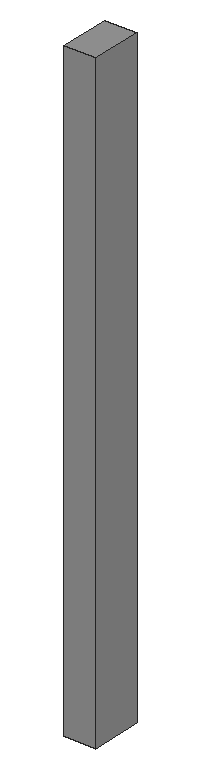
Revit family "Window Separator", category Windows, host Wall, Revit 2025
Family settings
  Host = Wall
  OmniClass Number = 23.30.20.00
  OmniClass Title = Windows
  Always vertical = Yes
  Cut with Voids When Loaded = No
  Shared = No
  Room Calculation Point = No
Parameters
  Material = Laminate, Black
  Height = 7' - 4"
  Define Thermal Properties by = Schematic Type
  Default Sill Height = 3' - 0"
  Wall Closure = By host
  Width = 0' - 4 1/2"
  Analytic Construction = "<None>"
Reference planes (in)
  plane 1 "Center (Front/Back)": y = 0
  plane 2: z = 0
  plane 3 "Center (Left/Right)": x = 0
  plane 4 "Sill": z = 36
  plane 5: z = 124
Forms (in)
  Extrusion 1, solid, material "Laminate, Black" <- "Material"
    sketch origin (0, 0, 36) x (0, -1, 0) y (1, 0, 0)
      loop
        line (-2.25, -2.25) -> (5.125, -2.25) -> (5.125, 2.25) -> (-2.25, 2.25) -> (-2.25, -2.25)
    from 0 to 88
Lines and regions (in)
  Opening 1
    outline origin (-60, -7, 0) x (1, 0, 0) y (0, 0, 1)
      loop
        line (57.75, 124) -> (57.75, 36) -> (62.25, 36) -> (62.25, 124) -> (57.75, 124)
Text (in)
  text "EXTERIOR" at (-58.6888, 50.90694, 0), in view "Ref. Level"
  text "INTERIOR" at (-58.6888, -37.76638, 0), in view "Ref. Level"
  text "Exterior" at (0, 43.65631, 123.19604), in view "Left"
  text "Exterior" at (0, 18.29385, 125.04747), in view "Right"
Dimensions and locks (in)
  equal spacing: Extrusion 1 sketch curve, plane 3 "Center (Left/Right)", Extrusion 1 sketch curve
  "Width": Extrusion 1 sketch curve to Extrusion 1 sketch curve
  plane 1 "Center (Front/Back)" to Extrusion 1 sketch curve = 0' - 2 1/4"
  plane 1 "Center (Front/Back)" to Extrusion 1 sketch curve = 0' - 5 1/8"
  "Height": plane 5 to plane 4 "Sill"
  equal spacing: host wall, plane 1 "Center (Front/Back)", host wall
  aligned and locked: level to plane 2
  aligned and locked: plane 5 to Extrusion 1
  aligned and locked: Opening 1 sketch curve to Extrusion 1
  aligned and locked: Extrusion 1 to Opening 1 sketch curve
  aligned and locked: Opening 1 sketch curve to plane 5
Automatic sketch dimensions
  Opening 1 sketch curve to plane 4 "Sill" = 0' - 0"
